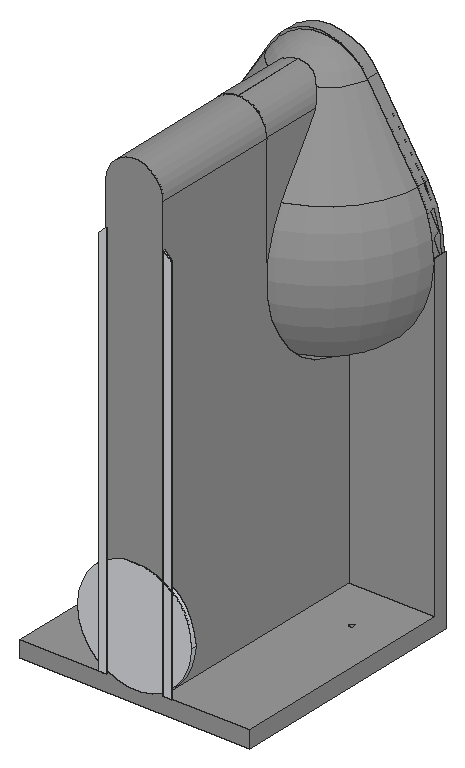
Revit family "Toilet-Willoughby-ASETF-1490-FM-FA-BS", category Plumbing Fixtures, Revit 2015
Parameters (values of type "Standard")
  Waste DIA = 2 3/8"
  Waste Connection = yes
  W-RAD [instance] = Waste DIA / 2  # 0' - 1 3/16"
  Vent Connection = no
  URL = "https://www.willoughby-ind.com/wp-content/uploads/2018/01/ASETF-1490-FM-FA.pdf"
  Type Comments = ""
  Revision = "A"
  Model = "ASETW-1490-FM-FA-10-TS"
  Manufacturer = "Willoughby Industries"
  HW Connection = no
  Flush inlet DIA = 1 1/2"
  Flush Inlet Connection = yes
  Fixture Body = Stainless Steel AISI 304-Willoughby
  F-RAD [instance] = Flush inlet DIA / 2  # 0' - 0 3/4"
  Description = "1490 Front Access, Ligature-Resistant, Floor Outlet and Mounted, Siphon Jet, 10\" Rough In"
  Default Elevation = 0' - 0"
  Contact Number = "(800) 428-4065"
  CW Connection = no
Reference planes (in)
  plane 1 "Base": y = -16.25
  plane 2: z = 0
  plane 3 "Center": x = 18.31072
  plane 4 "Waste height": y = -4.75
  plane 5 "Seat HGT": y = -1.25
  plane 6: y = -2.125
  plane 7: x = 16.56072
  plane 8: x = 20.06072
  plane 9: x = 13.81072
  plane 10: x = 22.81072
  plane 11: z = 2.70924
  plane 12: z = -3
  plane 13: z = 25
Forms (in)
  Extrusion 1, solid, material "Stainless Steel AISI 304-Willoughby" <- "Fixture Body"
    sketch origin (16.08109, 7.47968, -2.20079) x (-1, 0, 0) y (0, 0, -1)
      loop
        line (4.79769, -22.8922) -> (4.83287, -22.8922) -> (4.83287, -3.20079) -> (-9.29213, -3.20079) -> (-9.29213, -22.8922) -> (-9.20219, -22.8922)
        arc (-9.20219, -22.8922) -> (-8.94577, -24.74051) -> (-8.21015, -26.45542) r 7
        line (-8.21015, -26.45542) -> (-5.16818, -31.31054)
        arc (-5.16818, -31.31054) -> (-2.20225, -32.95225) -> (0.76368, -31.31054) r 3.5
        line (0.76368, -31.31054) -> (3.80565, -26.45542)
        arc (3.80565, -26.45542) -> (4.54128, -24.74051) -> (4.79769, -22.8922) r 7
      loop
        arc (2.03989, -24.70557) -> (-2.20225, -18.23804) -> (-6.44438, -24.70557) r 4.625
        line (-6.44438, -24.70557) -> (-4.04125, -30.23842)
        arc (-4.04125, -30.23842) -> (-2.20225, -31.45225) -> (-0.36324, -30.23842) r 2
        line (-0.36324, -30.23842) -> (2.03989, -24.70557)
    from 8.72968 to 9.5
  Revolve 2, solid, material "Stainless Steel AISI 304-Willoughby" <- "Fixture Body"
    sketch origin (19.37981, -1.52032, 1.00775) x (-1, 0, 0) y (0, 0, -1)
      loop
        line (1.06174, -12.59906) -> (1.06174, -12.84906)
        arc (1.06174, -12.84906) -> (6.96784, -16.33096) -> (6.78077, -23.18447) r 6.75
        line (6.78077, -23.18447) -> (5.22309, -25.66909)
        arc (5.22309, -25.66909) -> (3.40303, -27.84141) -> (1.06174, -29.43826) r 10.34445
        line (1.06174, -29.43826) -> (1.06174, -29.68826)
        arc (1.06174, -29.68826) -> (2.75672, -29.25045) -> (4.02767, -28.04656) r 3.5
        line (4.02767, -28.04656) -> (7.06964, -23.19143)
        arc (7.06964, -23.19143) -> (7.15052, -16.14555) -> (1.06174, -12.59906) r 7
      axis (1.06174, -12.59906) -> (1.06174, -29.68826)
    angle from 0 to -180
  Extrusion 3, solid, material "Stainless Steel AISI 304-Willoughby" <- "Fixture Body"
    sketch origin (19.53334, -3.02032, -0.0094) x (0, 1, 0) y (0, 0, 1)
      loop
        line (-5.27082, 1.0094) -> (1, 1.0094) -> (1, 13.80524)
        arc (1, 13.80524) -> (-3.15813, 15.45207) -> (-5.27082, 19.39398) r 6.50625
        line (-5.27082, 19.39398) -> (-5.27082, 1.0094)
    from 0.52738 to -2.97262
  Extrusion 4, solid, material "Stainless Steel AISI 304-Willoughby" <- "Fixture Body"
    sketch origin (0, -16.25, 0) x (1, 0, 0) y (0, 0, 1)
      loop
        line (25.37322, 0) -> (25.37322, 1) -> (11.2834, 1) -> (11.2834, 0) -> (25.37322, 0)
    from -15 to 0
  Extrusion 5, solid, material "Stainless Steel AISI 304-Willoughby" <- "Fixture Body"
    sketch origin (0, -16.25, 4.94141) x (1, 0, 0) y (0, 0, 1)
      loop
        line (20.06072, -3.94141) -> (20.06072, 23.23467)
        arc (20.06072, 23.23467) -> (18.31072, 24.98467) -> (16.56072, 23.23467) r 1.75
        line (16.56072, 23.23467) -> (16.56072, -3.94141) -> (20.06072, -3.94141)
    from 0 to -7.95886
  Extrusion 6, solid, material "Stainless Steel AISI 304-Willoughby" <- "Fixture Body"
    sketch origin (18.31072, 0, 4.94141) x (0, 1, 0) y (0, 0, 1)
      loop
        line (-8.30956, 24.98711) -> (-8.30956, 16.43945)
        arc (-8.30956, 16.43945) -> (-7.89398, 17.78452) -> (-7.26296, 19.04298) r 8.53534
        arc (-7.26296, 19.04298) -> (-5.96181, 21.12816) -> (-4.62752, 23.19229) r 153.87584
        arc (-4.62752, 23.19229) -> (-4.20813, 24.22574) -> (-3.39314, 24.98711) r 2.59068
        line (-3.39314, 24.98711) -> (-8.30956, 24.98711)
    from -1.75 to 1.75
  Extrusion 7, void
    sketch origin (0, -16.25, 4.94141) x (1, 0, 0) y (0, 0, 1)
      loop
        arc (18.32244, 24.98711) -> (19.55159, 24.47797) -> (20.06072, 23.24882) r 1.73828
        line (20.06072, 23.24882) -> (20.06072, 24.98711) -> (18.32244, 24.98711)
    from -13.39931 to -7.72232
  Extrusion 8, void
    sketch origin (0, -16.25, 4.94141) x (1, 0, 0) y (0, 0, 1)
      loop
        line (16.56072, 24.98711) -> (16.56072, 23.38793)
        arc (16.56072, 23.38793) -> (17.12541, 24.5271) -> (18.31072, 24.98711) r 1.75711
        line (18.31072, 24.98711) -> (16.56072, 24.98711)
    from -12.85686 to -7.94044
  Extrusion 9, solid
    sketch origin (0, -16.25, 4.94141) x (1, 0, 0) y (0, 0, 1)
      loop
        line (20.06072, -3.94141) -> (20.56072, -3.94141) -> (20.56072, 20.125) -> (20.06072, 20.625) -> (20.06072, -3.94141)
      loop
        line (16.58416, -3.94141) -> (16.58416, 20.625) -> (16.08416, 20.125) -> (16.08416, -3.94141) -> (16.58416, -3.94141)
    from 0 to -0.0625
  Extrusion 10, solid
    sketch origin (0, -16.25, 0) x (1, 0, 0) y (0, 0, 1)
      loop
        circle (18.32831, 4.25) r 3.5
    from 0 to -0.25
  Extrusion 11, void
    sketch origin (0, 0, 0) x (1, 0, 0) y (0, 1, 0)
      loop
        circle (22.82831, -5.25) r 0.15625
      loop
        circle (13.82831, -5.25) r 0.15625
    from -0.25 to 1
  Extrusion 12, solid
    sketch origin (0, 0, 0) x (1, 0, 0) y (0, 1, 0)
      loop
        circle (18.31072, -3.125) r 0.75
    from 0 to 1
Cuts and joins
  Extrusion 11 cuts Extrusion 1
  Extrusion 11 cuts Extrusion 3
  Extrusion 11 cuts Extrusion 4
  Extrusion 11 cuts Extrusion 5
  joined: Extrusion 1, Extrusion 3, Extrusion 4, Extrusion 5
  Extrusion 7, Extrusion 8 cuts Extrusion 6
Lines and regions (in)
  symbolic lines
    curve 1: line (11.28334, -2.02032, 0) -> (11.28334, -1.25, 0)
    curve 2: line (11.28334, -1.25, 0) -> (25.28334, -1.25, 0)
    curve 3: line (25.28334, -1.25, 0) -> (25.28334, -2.02032, 0)
    curve 4: arc (25.28334, -2.02032, 0) -> (23.0776, -6.6446, 0) -> (18.31072, -8.52239, 0) r 6.98983
    curve 5: arc (18.31072, -8.52239, 0) -> (13.52369, -6.64758, 0) -> (11.28334, -2.02032, 0) r 7.04842
    curve 6: line (22.81072, -6.88104, 0) -> (22.81072, -16.25, 0)
    curve 7: line (22.81072, -16.25, 0) -> (13.81072, -16.25, 0)
    curve 8: line (13.81072, -16.25, 0) -> (13.81072, -6.89908, 0)
    curve 9: line (16.56072, -8.30173, 0) -> (16.56072, -16.25, 0)
    curve 10: line (20.06072, -8.29974, 0) -> (20.06072, -16.25, 0)
    curve 11: line (14.78334, -16.25, 9.65867) -> (14.78334, -16.25, 1)
    curve 12: line (14.78334, -16.25, 1) -> (13.81072, -16.25, 1)
    curve 13: line (13.81072, -16.25, 1) -> (13.81072, -16.25, 0)
    curve 14: line (13.81072, -16.25, 0) -> (22.81072, -16.25, 0)
    curve 15: line (22.81072, -16.25, 0) -> (22.81072, -16.25, 1)
    curve 16: line (22.81072, -16.25, 1) -> (21.81072, -16.25, 1)
    curve 17: line (21.81072, -16.25, 1) -> (21.81072, -16.25, 9.67456)
    curve 18: arc (21.81072, -16.25, 9.67456) -> (25.08799, -16.25, 13.93608) -> (24.32597, -16.25, 19.25778) r 6.9206
    curve 19: line (24.32597, -16.25, 19.25778) -> (21.24927, -16.25, 24.16835)
    curve 20: arc (21.24927, -16.25, 24.16835) -> (19.97832, -16.25, 25.37224) -> (18.28334, -16.25, 25.81005) r 3.5
    curve 21: arc (18.28334, -16.25, 25.81005) -> (16.58835, -16.25, 25.37224) -> (15.31741, -16.25, 24.16835) r 3.5
    curve 22: line (15.31741, -16.25, 24.16835) -> (12.35249, -16.25, 19.43905)
    curve 23: arc (12.35249, -16.25, 19.43905) -> (11.49002, -16.25, 14.03241) -> (14.78334, -16.25, 9.65867) r 7
    curve 29: line (18.31072, -8.4296, 16.67525) -> (18.31072, -16.25, 16.67525)
    curve 30: line (18.31072, -16.25, 16.67525) -> (18.31072, -16.25, 0)
    curve 31: line (18.31072, -16.25, 0) -> (18.31072, -1.25, 0)
    curve 32: line (18.31072, -1.25, 0) -> (18.31072, -1.25, 25.81005)
    curve 33: line (18.31072, -1.25, 25.81005) -> (18.31072, -2.02032, 25.81005)
    curve 34: arc (18.31072, -2.02032, 25.81005) -> (18.31072, -3.29152, 25.30605) -> (18.31072, -4.30177, 24.38445) r 3.79748
    curve 35: line (18.31072, -4.30177, 24.38445) -> (18.31072, -7.52822, 19.25778)
    curve 36: arc (18.31072, -7.52822, 19.25778) -> (18.31072, -8.12539, 18.01764) -> (18.31072, -8.4296, 16.67525) r 6.10578
    curve 37: arc (18.31072, -8.4296, 16.67525) -> (18.31072, -8.31403, 15.24489) -> (18.31072, -8.29114, 13.81005) r 22.19593
    curve 38: arc (18.31072, -8.29114, 13.81005) -> (18.31072, -5.95289, 10.31029) -> (18.31072, -2.02032, 8.81005) r 6.92744
    curve 39: line (18.31072, -1.25, 9.65867) -> (18.31072, -2.02032, 9.65867)
    curve 40: line (18.31072, -2.02032, 9.65867) -> (18.31072, -2.02032, 1)
    curve 41: line (18.31072, -2.02032, 1) -> (18.31072, -16.25, 1)
    curve 42: line (20.06072, -8.29974, 0) -> (20.06072, -4.61725, 0)
    curve 43: arc (20.06072, -4.61725, 0) -> (19.34995, -3.84312, 0) -> (18.31072, -3.68676, 0) r 1.57857
    curve 44: arc (18.31072, -3.68676, 0) -> (17.30223, -3.87691, 0) -> (16.56072, -4.5864, 0) r 1.8036
    curve 45: line (16.56072, -4.5864, 0) -> (16.56072, -8.30173, 0)
    curve 46: line (18.31072, -8.30956, 24.98711) -> (18.31072, -3.72908, 24.98711)
  symbolic lines, detail levels fine
    curve 24: arc (14.0412, -16.25, 17.56337) -> (18.28334, -16.25, 11.09585) -> (22.52547, -16.25, 17.56337) r 4.625
    curve 25: line (22.52547, -16.25, 17.56337) -> (20.12234, -16.25, 23.09622)
    curve 26: arc (20.12234, -16.25, 23.09622) -> (19.38317, -16.25, 23.97635) -> (18.28334, -16.25, 24.31005) r 2.01767
    curve 27: arc (18.28334, -16.25, 24.31005) -> (17.17969, -16.25, 23.98213) -> (16.44433, -16.25, 23.09622) r 1.9827
    curve 28: line (16.44433, -16.25, 23.09622) -> (14.0412, -16.25, 17.56337)
Dimensions and locks (in)
  locked: plane 1 "Base" to plane 4 "Waste height" at 11.5
  locked: plane 1 "Base" to plane 5 "Seat HGT" at 15
  plane 9 to plane 3 "Center" = 0' - 4 1/2"
  plane 9 to plane 10 = 0' - 9"
  plane 13 to level = 2' - 1"
  aligned and locked: Extrusion 1 to Revolve 2
  aligned and locked: cut or joined group of Extrusion 1, Extrusion 3, Extrusion 4, Extrusion 5, Extrusion 11 to Extrusion 1
  aligned and locked: Extrusion 8 to Extrusion 6
Connectors (in)
  piping at (18.32831, -16.25, 4.25), diameter 2.5
    settings: on Extrusion 10, index 3, connector inside diameter 24", connector length 0' - 0", flow factor 0, pipe flow 0 GPM, pressure drop 0.00 psi, fitting loss kfactor 0, connector angle 0.00°, fixture units 0, engagement length 0' - 0", angle of deflection 0.00°, flow configuration 0, flow direction 0, fitting loss method 0, system type 7, joint type 0, gender type 0, connector reference index -1, connector utility 0, adjustable connector no, is connector primary yes, connector description ""
  piping at (18.31072, -3.125, 0), diameter 1.5
    settings: on Extrusion 12, index 4, connector inside diameter 24", connector length 0' - 0", flow factor 0, pipe flow 0 GPM, pressure drop 0.00 psi, fitting loss kfactor 0, connector angle 0.00°, fixture units 0, engagement length 0' - 0", angle of deflection 0.00°, flow configuration 0, flow direction 0, fitting loss method 0, system type 7, joint type 0, gender type 0, connector reference index -1, connector utility 0, adjustable connector no, is connector primary no, connector description ""
